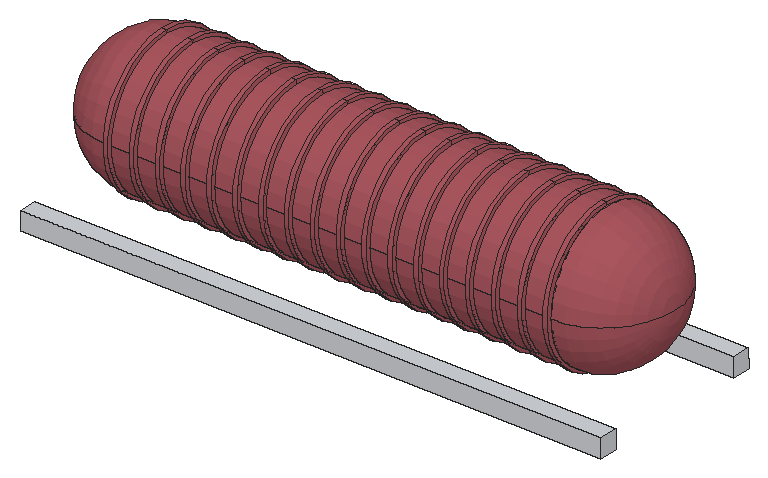
Revit family "Fluid-Storage_Petroleum-Tank_Xerxes_Underground-Diesel-Exhaust-Fluid", category Generic Models, Revit 2026
Family settings
  Can host rebar = No
  Round Connector Dimension = Use Diameter
  Part Type = Normal
  Classification Number = 23.65.20.11
  Work Plane-Based = Yes
  Always vertical = No
  Cut with Voids When Loaded = No
  Maintain Annotation Orientation = No
  Shared = No
  Room Calculation Point = No
Parameters
  ribcountcontrol = if(Rib Count < 2, 2, Rib Count)  # 18
  Warranty Duration (Years) = 0
  Unit Weight Notes = "Unit Weight refers to empty tank only."  # constant formula
  Unit Weight = 0
  Unit Length = 31' - 6 1/2"
  URL = "http://www.xerxes.com/"
  Tank Diameter Without Ribs = 7' - 8"
  Standards Conformance = "as Specified"
  Specification = "http://www.arcat.com/sdspecs/htm04/33_16_00xer.htm"
  SpecWizard = "http://www.arcat.com/specwizard/clients/xerxes.html?coid=36629"
  Small Size Resevoir Fitting = no
  Send Message = ""
  Sales Information = "http://www.xerxes.com/contact.html?country=US&productType=Petroleum%20Products"
  Ribs = not(and(Diameter = 4' 0", Unit Length < 10' 0"))  # yes
  Rib Inset = 3' - 10"
  Rib Count = 18
  Revision = "R1_2015-07"
  Product Properties = ""
  Product Data = "http://www.arcat.com/arcatcos/cos36/arc36629.html"
  Model = "As Specified"
  Manufacturer Website = "http://www.xerxes.com/"
  Manufacturer Phone - Toll Free = ""
  Manufacturer Phone = "952-887-1890"
  Manufacturer Fax = "952-887-1882"
  Manufacturer Address = "7901 Xerxes Ave. S.   Minneapolis, MN 55431"
  Manufacturer = "Xerxes Corporation"
  Maintenance Schedule (Months) = 0
  Keynote = "13200"
  Installation-Fabrication = ""
  Installation Phase = ""
  Include Deadmen Anchor [instance] = yes
  Green Building-LEED = ""
  Fuel Type [instance] = "as Specified"
  Exterior Finish [instance] = Plastic - Fiberglass - Xerxes - Signature Red
  Expected Lifespan (Years) = 0
  End Length = 3' - 7 3/4"
  Drawn By = "Sumex Design, Inc. / Robert S. Weygant, CSI, CDT, SCIP"
  Double Wall Tank_Dry Monitored [instance] = no
  Double Wall Tank_Brine Monitored [instance] = no
  Double Wall Tank Notes [instance] = "Brine Monitored Tanks will weigh more than Dry Monitored."  # constant formula
  Diameter = 8' - 0"
  Description = "Xerxes Petroleum Tank as Specified"
  Default Elevation = 0' - 0"
  Copyright = "©Arcat Inc."
  Construction Details = "http://www.arcat.com/details/xerxes/xerxes.html?coid=36629"
  Capacity = "as Specified"
  Brine Weight = 0
  Available LEED Credit = "as Specified"
  Assembly Code = "G30"
  Actual Capacity Tank Section 1 = 0
Reference planes (in)
  plane 1 "Center (Front/Back)": y = 0
  plane 2 "Bottom": z = 0
  plane 3 "Center (Left/Right)": x = 0
  plane 4 "Front": y = -46
  plane 5 "Back": y = 46
  plane 6 "Left": x = -189.25
  plane 7 "Right": x = 189.25
  plane 8 "Top": z = 92
  plane 9: x = -145.5
  plane 10: x = 145.5
  plane 11: z = 46
  plane 12: x = -143.25
  plane 13: x = 143.25
  plane 14: z = 94
  plane 15: z = -2
Forms (in)
  Revolve 1, solid, material "Plastic - Fiberglass - Xerxes - Signature Red" <- "Exterior Finish"
    sketch origin (-43.59721, -180, 46) x (-1, 0, 0) y (0, -1, 0)
      loop
        spline (101.90279, -226) -> (107.61331, -225.60646) -> (113.22612, -224.43259) -> (118.64519, -222.49846) -> (123.77779, -219.83717) -> (128.5361, -216.49425) -> (132.83871, -212.52691) -> (136.612, -208.00303) -> (139.7914, -203) -> (142.32252, -197.60344) -> (144.16205, -191.90568) -> (145.2785, -186.0042) -> (145.65279, -180)
        line (145.65279, -180) -> (-232.84721, -180)
        spline (-232.84721, -180) -> (-232.47292, -186.0042) -> (-231.35646, -191.90568) -> (-229.51694, -197.60344) -> (-226.98582, -203) -> (-223.80642, -208.00303) -> (-220.03313, -212.52691) -> (-215.73052, -216.49425) -> (-210.97221, -219.83717) -> (-205.83961, -222.49846) -> (-200.42054, -224.43259) -> (-194.80773, -225.60646) -> (-189.09721, -226)
        line (-189.09721, -226) -> (101.90279, -226)
      axis (145.65279, -180) -> (-232.84721, -180)
    angle from 0 to 360
  Revolve 2, solid, material "Plastic - Fiberglass - Xerxes - Signature Red" <- "Exterior Finish", visible <- "Small Size Resevoir Fitting"
    sketch origin (0, 0, 0) x (1, 0, 0) y (0, 0, 1)
      loop
        line (-192.5, 0) -> (-186, 0) -> (-186, 78.4375) -> (-192.5, 78.4375) -> (-192.5, 0)
      axis (-186, 78.4375) -> (-186, 0)
    angle from 0 to 360
  Revolve 3, solid, material "Plastic - Fiberglass - Xerxes - Signature Red" <- "Exterior Finish", visible <- "Double Wall Tank_Dry Monitored"
    sketch origin (0, 0, 0) x (1, 0, 0) y (0, 0, 1)
      loop
        line (137.125, 92) -> (137.125, 46) -> (143.25, 46) -> (143.25, 96.18116) -> (140.37476, 96.18116) -> (140.37476, 94.68116) -> (139.37476, 94.68116) -> (137.125, 92)
      axis (143.25, 96.18116) -> (143.25, 46)
    angle from 0 to 360
  Revolve 4, solid, material "Plastic - Fiberglass - Xerxes - Signature Red" <- "Exterior Finish", visible <- "Double Wall Tank_Brine Monitored"
    sketch origin (0, 0, 0) x (1, 0, 0) y (0, 0, 1)
      loop
        line (143.25, 46) -> (143.25, 106.5) -> (140.37476, 106.5) -> (140.37476, 105) -> (133.75, 105) -> (133.75, 46) -> (143.25, 46)
      axis (143.25, 106.5) -> (143.25, 46)
    angle from 0 to 360
Dimensions and locks (in)
  equal spacing: plane 6 "Left", plane 3 "Center (Left/Right)", plane 7 "Right"
  "Unit Length": plane 6 "Left" to plane 7 "Right"
  equal spacing: plane 5 "Back", plane 1 "Center (Front/Back)", plane 4 "Front"
  "Tank Diameter Without Ribs": plane 5 "Back" to plane 4 "Front"
  "Tank Diameter Without Ribs": plane 8 "Top" to level
  "End Length": plane 6 "Left" to plane 9
  "End Length": plane 10 to plane 7 "Right"
  locked: plane 6 "Left" to Revolve 1 sketch curve at 0
  locked: plane 7 "Right" to Revolve 1 sketch curve at 0
  equal spacing: plane 8 "Top", plane 11, level
  "Rib Inset": plane 6 "Left" to plane 12
  "Rib Inset": plane 13 to plane 7 "Right"
  equal spacing: group 1, group 3, group 4, group 5, group 6, group 7, group 8, group 9, group 10, group 11, group 12, group 13, group 14, group 15, group 16, group 17, group 18, group 2  (x3)
  locked: Revolve 2 sketch curve to plane 11 at 32.4375
  locked: Revolve 2 sketch curve to plane 6 "Left" at 3.25
  Revolve 2 sketch curve to plane 6 "Left" to Revolve 2 sketch curve = 0' - 3 1/4" locked, 0' - 3 1/4" locked
  equal spacing: plane 14, plane 11, plane 15
  "Diameter": plane 14 to plane 15
  Revolve 3 sketch curve to Revolve 3 sketch curve to plane 8 "Top" to Revolve 3 sketch curve = 0' - 1 1/2" locked, 0' - 2.68116" locked, 0' - 0" locked
  Revolve 4 sketch curve to Revolve 4 sketch curve to plane 8 "Top" = 0' - 1 1/2" locked, 1' - 1" locked
  aligned and locked: Revolve 1 sketch curve to plane 1 "Center (Front/Back)"
  aligned and locked: Revolve 1 sketch curve to plane 5 "Back"
  aligned and locked: Revolve 1 sketch curve to plane 10
  aligned and locked: Revolve 1 sketch curve to plane 9
  aligned and locked: nested 2 to plane 13
  aligned and locked: nested 1 to plane 12
  aligned and locked: plane 3 "Center (Left/Right)" to nested 4
  aligned and locked: Revolve 3 sketch curve to plane 13
  aligned and locked: Revolve 4 sketch curve to plane 13
  aligned and locked: plane 11 to Revolve 3 sketch curve
  aligned and locked: Revolve 4 sketch curve to plane 11
Automatic sketch dimensions
  plane 1 "Center (Front/Back)" to Revolve 1 sketch curve = 0' - 0"
  Revolve 1 sketch curve to Revolve 1 sketch curve = 0' - 4"
  Revolve 1 sketch curve to plane 6 "Left" = 0' - 5"
  Revolve 2 sketch curve to level = 0' - 0"
  Revolve 2 sketch curve to level = 0' - 4 9/16"
  Revolve 2 sketch curve to Revolve 2 sketch curve = 0' - 0"
  Revolve 3 sketch curve to plane 13 = 0' - 2.87524"
  Revolve 3 sketch curve to Revolve 3 sketch curve = 0' - 1"
  Revolve 3 sketch curve to Revolve 3 sketch curve = 0' - 2.24976"
  Revolve 3 sketch curve to plane 8 "Top" = 0' - 3 1/2"
  Revolve 3 sketch curve to Revolve 3 sketch curve = 0' - 0.06884"
  Revolve 3 sketch curve to plane 13 = 0' - 0"
  Revolve 4 sketch curve to plane 13 = 0' - 0"
  Revolve 4 sketch curve to Revolve 4 sketch curve = 0' - 2.87524"
  Revolve 4 sketch curve to Revolve 4 sketch curve = 0' - 6.62476"
  Revolve 4 sketch curve to Revolve 4 sketch curve = 0' - 2 1/2"
  Revolve 4 sketch curve to plane 8 "Top" = 0' - 7 3/4"
Nested families (in)
  nested 1: "Ribs" at (-143.25, 0, 0) x (0, 1, 0) z (0, 0, 1), Diameter <- "Tank Diameter Without Ribs", visible <- "Ribs", finish <- "Exterior Finish", outer diameter <- "Diameter", type "Ribs"
    with rib height 0' - 2", outer diameter 8' - 0", finish Plastic - Fiberglass - Xerxes - Signature Red, Diameter 7' - 8"
  nested 2: "Ribs" at (143.25, 0, 0) x (0, 1, 0) z (0, 0, 1), Diameter <- "Tank Diameter Without Ribs", visible <- "Ribs", finish <- "Exterior Finish", outer diameter <- "Diameter", type "Ribs"
    with rib height 0' - 2", outer diameter 8' - 0", finish Plastic - Fiberglass - Xerxes - Signature Red, Diameter 7' - 8"
  nested 3: "Ribs" at (-126.39706, 0, 0) x (0, 1, 0) z (0, 0, 1), Diameter <- "Tank Diameter Without Ribs", visible <- "Ribs", finish <- "Exterior Finish", outer diameter <- "Diameter", type "Ribs"
    with rib height 0' - 2", outer diameter 8' - 0", finish Plastic - Fiberglass - Xerxes - Signature Red, Diameter 7' - 8"
  nested 4: "Fluid-Storage_Tank-Accessory_Xerxes_Deadmen" at (0, 0, -2) x (1, 0, 0) z (0, 0, -1), Unit Length <- "Unit Length", Space Between Deadmen <- "Diameter", visible <- "Include Deadmen Anchor", type "Fluid-Storage_Tank-Accessory_Xerxes_Deadmen"
    with Unit Width 1' - 0", Unit Length 31' - 6 1/2", Unit Height 1' - 0", Space Between Deadmen 8' - 0", Lower Diameter Tanks yes, Higher Diameter Tanks no
  nested 5: "Ribs" at (-109.54412, 0, 0) x (0, 1, 0) z (0, 0, 1), Diameter <- "Tank Diameter Without Ribs", visible <- "Ribs", finish <- "Exterior Finish", outer diameter <- "Diameter", type "Ribs"
    with rib height 0' - 2", outer diameter 8' - 0", finish Plastic - Fiberglass - Xerxes - Signature Red, Diameter 7' - 8"
  nested 6: "Ribs" at (-92.69118, 0, 0) x (0, 1, 0) z (0, 0, 1), Diameter <- "Tank Diameter Without Ribs", visible <- "Ribs", finish <- "Exterior Finish", outer diameter <- "Diameter", type "Ribs"
    with rib height 0' - 2", outer diameter 8' - 0", finish Plastic - Fiberglass - Xerxes - Signature Red, Diameter 7' - 8"
  nested 7: "Ribs" at (-75.83824, 0, 0) x (0, 1, 0) z (0, 0, 1), Diameter <- "Tank Diameter Without Ribs", visible <- "Ribs", finish <- "Exterior Finish", outer diameter <- "Diameter", type "Ribs"
    with rib height 0' - 2", outer diameter 8' - 0", finish Plastic - Fiberglass - Xerxes - Signature Red, Diameter 7' - 8"
  nested 8: "Ribs" at (-58.98529, 0, 0) x (0, 1, 0) z (0, 0, 1), Diameter <- "Tank Diameter Without Ribs", visible <- "Ribs", finish <- "Exterior Finish", outer diameter <- "Diameter", type "Ribs"
    with rib height 0' - 2", outer diameter 8' - 0", finish Plastic - Fiberglass - Xerxes - Signature Red, Diameter 7' - 8"
  nested 9: "Ribs" at (-42.13235, 0, 0) x (0, 1, 0) z (0, 0, 1), Diameter <- "Tank Diameter Without Ribs", visible <- "Ribs", finish <- "Exterior Finish", outer diameter <- "Diameter", type "Ribs"
    with rib height 0' - 2", outer diameter 8' - 0", finish Plastic - Fiberglass - Xerxes - Signature Red, Diameter 7' - 8"
  nested 10: "Ribs" at (-25.27941, 0, 0) x (0, 1, 0) z (0, 0, 1), Diameter <- "Tank Diameter Without Ribs", visible <- "Ribs", finish <- "Exterior Finish", outer diameter <- "Diameter", type "Ribs"
    with rib height 0' - 2", outer diameter 8' - 0", finish Plastic - Fiberglass - Xerxes - Signature Red, Diameter 7' - 8"
  nested 11: "Ribs" at (-8.42647, 0, 0) x (0, 1, 0) z (0, 0, 1), Diameter <- "Tank Diameter Without Ribs", visible <- "Ribs", finish <- "Exterior Finish", outer diameter <- "Diameter", type "Ribs"
    with rib height 0' - 2", outer diameter 8' - 0", finish Plastic - Fiberglass - Xerxes - Signature Red, Diameter 7' - 8"
  nested 12: "Ribs" at (8.42647, 0, 0) x (0, 1, 0) z (0, 0, 1), Diameter <- "Tank Diameter Without Ribs", visible <- "Ribs", finish <- "Exterior Finish", outer diameter <- "Diameter", type "Ribs"
    with rib height 0' - 2", outer diameter 8' - 0", finish Plastic - Fiberglass - Xerxes - Signature Red, Diameter 7' - 8"
  nested 13: "Ribs" at (25.27941, 0, 0) x (0, 1, 0) z (0, 0, 1), Diameter <- "Tank Diameter Without Ribs", visible <- "Ribs", finish <- "Exterior Finish", outer diameter <- "Diameter", type "Ribs"
    with rib height 0' - 2", outer diameter 8' - 0", finish Plastic - Fiberglass - Xerxes - Signature Red, Diameter 7' - 8"
  nested 14: "Ribs" at (42.13235, 0, 0) x (0, 1, 0) z (0, 0, 1), Diameter <- "Tank Diameter Without Ribs", visible <- "Ribs", finish <- "Exterior Finish", outer diameter <- "Diameter", type "Ribs"
    with rib height 0' - 2", outer diameter 8' - 0", finish Plastic - Fiberglass - Xerxes - Signature Red, Diameter 7' - 8"
  nested 15: "Ribs" at (58.98529, 0, 0) x (0, 1, 0) z (0, 0, 1), Diameter <- "Tank Diameter Without Ribs", visible <- "Ribs", finish <- "Exterior Finish", outer diameter <- "Diameter", type "Ribs"
    with rib height 0' - 2", outer diameter 8' - 0", finish Plastic - Fiberglass - Xerxes - Signature Red, Diameter 7' - 8"
  nested 16: "Ribs" at (75.83824, 0, 0) x (0, 1, 0) z (0, 0, 1), Diameter <- "Tank Diameter Without Ribs", visible <- "Ribs", finish <- "Exterior Finish", outer diameter <- "Diameter", type "Ribs"
    with rib height 0' - 2", outer diameter 8' - 0", finish Plastic - Fiberglass - Xerxes - Signature Red, Diameter 7' - 8"
  nested 17: "Ribs" at (92.69118, 0, 0) x (0, 1, 0) z (0, 0, 1), Diameter <- "Tank Diameter Without Ribs", visible <- "Ribs", finish <- "Exterior Finish", outer diameter <- "Diameter", type "Ribs"
    with rib height 0' - 2", outer diameter 8' - 0", finish Plastic - Fiberglass - Xerxes - Signature Red, Diameter 7' - 8"
  nested 18: "Ribs" at (109.54412, 0, 0) x (0, 1, 0) z (0, 0, 1), Diameter <- "Tank Diameter Without Ribs", visible <- "Ribs", finish <- "Exterior Finish", outer diameter <- "Diameter", type "Ribs"
    with rib height 0' - 2", outer diameter 8' - 0", finish Plastic - Fiberglass - Xerxes - Signature Red, Diameter 7' - 8"
  nested 19: "Ribs" at (126.39706, 0, 0) x (0, 1, 0) z (0, 0, 1), Diameter <- "Tank Diameter Without Ribs", visible <- "Ribs", finish <- "Exterior Finish", outer diameter <- "Diameter", type "Ribs"
    with rib height 0' - 2", outer diameter 8' - 0", finish Plastic - Fiberglass - Xerxes - Signature Red, Diameter 7' - 8"
Definition of nested family "Ribs"
  Parameters
    rib height [instance] = (outer diameter - Diameter) / 2  # 1' - 0.28415"
    outer diameter [instance] = 4' - 5"
    finish [instance] = none
    Diameter [instance] = 2' - 4.4317"
    Default Elevation = 0' - 0"
    Assembly Code = ""
  Reference planes (in)
    plane 1 "Center (Front/Back)": y = 0
    plane 2: z = 0
    plane 3 "Center (Left/Right)": x = 0
    plane 4: z = 28.4317
    plane 5: z = 40.71585
    plane 6: z = -12.28415
  Forms (in)
    Revolve 1, solid, material <- "finish"
      sketch origin (0, 0, 0) x (0, 1, 0) y (0, 0, 1)
        loop
          line (-1.45594, -12.28415) -> (1.45594, -12.28415) -> (1.75, 0) -> (-1.75, 0) -> (-1.45594, -12.28415)
        axis (-1.75, 14.21585) -> (1.75, 14.21585)
      angle from 0 to 360
  Dimensions and locks (in)
    "Diameter": plane 4 to level
    equal spacing: plane 4, Revolve 1 sketch curve, level
    "rib height": plane 5 to plane 4
    "rib height": level to plane 6
    aligned and locked: plane 2 to level
    aligned and locked: plane 6 to Revolve 1 sketch curve
  Automatic sketch dimensions
    Revolve 1 sketch curve to level = 0' - 0"
    plane 1 "Center (Front/Back)" to Revolve 1 sketch curve = 1' - 2.96287"
    plane 1 "Center (Front/Back)" to Revolve 1 sketch curve = 0' - 1 3/4"
    Revolve 1 sketch curve to Revolve 1 sketch curve = 0' - 0.29406"  (x2)
    Revolve 1 sketch curve to plane 1 "Center (Front/Back)" = 0' - 1.45594"
    Revolve 1 sketch curve to plane 1 "Center (Front/Back)" = 1' - 1.03713"
Definition of nested family "Fluid-Storage_Tank-Accessory_Xerxes_Deadmen"
  Parameters
    Warranty Duration (Years) = 0
    Unit Width [instance] = if(Space Between Deadmen < 10' 0", 1' 0", 1' 6")  # 1' - 0"
    Unit Weight = 0
    Unit Length [instance] = 6' - 0"
    Unit Height [instance] = if(Space Between Deadmen < 10' 0", 1' 0", 0' 8 3/4")  # 1' - 0"
    URL = ""
    Specification = ""
    SpecWizard = ""
    Space Between Deadmen [instance] = 2' - 8"
    Send Message = ""
    Sales Information = ""
    Revision = "R1_01-2014"
    Product Properties = ""
    Product Data = ""
    Model = "As Specified"
    Manufacturer Website = ""
    Manufacturer Phone - Toll Free = ""
    Manufacturer Phone = ""
    Manufacturer Fax = ""
    Manufacturer Address = ""
    Manufacturer = ""
    Maintenance Schedule (Months) = 0
    Lower Diameter Tanks [instance] = Space Between Deadmen < 10' 0"  # yes
    Keynote = ""
    Installation-Fabrication = ""
    Installation Phase = ""
    Higher Diameter Tanks [instance] = not(Space Between Deadmen < 10' 0")  # no
    Green Building-LEED = ""
    Expected Lifespan (Years) = 0
    Drawn By = "Sumex Design, Inc. / Robert S. Weygant, CSI, CDT, SCIP"
    Description = ""
    Default Elevation = 0' - 0"
    Copyright = "©Arcat Inc."
    Construction Details = ""
    Assembly Code = ""
  Reference planes (in)
    plane 1 "Center (Front/Back)": y = 0
    plane 2 "Bottom": z = 0
    plane 3 "Center (Left/Right)": x = 0
    plane 4 "Front": y = -16
    plane 5 "Back": y = 16
    plane 6 "Left": x = -36
    plane 7 "Right": x = 36
  Forms (in)
    Extrusion 1, solid, visible <- "Lower Diameter Tanks"
      sketch origin (0, 0, 0) x (0, 1, 0) y (0, 0, 1)
        loop
          line (-28, 12) -> (-28, 0) -> (-16, 0) -> (-16, 12) -> (-28, 12)
        loop
          line (16, 12) -> (16, 0) -> (28, 0) -> (28, 12) -> (16, 12)
      from -36 to 36
    Extrusion 2, solid, visible <- "Higher Diameter Tanks"
      sketch origin (0, 0, 0) x (0, 1, 0) y (0, 0, 1)
        loop
          line (16, 8.75) -> (16, 2.88675) -> (21, 0) -> (29, 0) -> (34, 2.88675) -> (34, 8.75) -> (16, 8.75)
        loop
          line (-16, 8.75) -> (-34, 8.75) -> (-34, 2.88675) -> (-29, 0) -> (-21, 0) -> (-16, 2.88675) -> (-16, 8.75)
      from -36 to 36
  Dimensions and locks (in)
    equal spacing: plane 6 "Left", plane 3 "Center (Left/Right)", plane 7 "Right"
    "Unit Length": plane 6 "Left" to plane 7 "Right"
    equal spacing: plane 5 "Back", plane 1 "Center (Front/Back)", plane 4 "Front"
    "Space Between Deadmen": plane 5 "Back" to plane 4 "Front"
    locked: Extrusion 1 sketch curve to plane 4 "Front" at 12
    locked: plane 5 "Back" to Extrusion 1 sketch curve at 12
    locked: Extrusion 1 sketch curve to level at 12  (x2)
    Extrusion 2 sketch curve to Extrusion 2 sketch curve to Extrusion 2 sketch curve to plane 4 "Front" = 0' - 5" locked, 0' - 8" locked, 0' - 5" locked
    plane 5 "Back" to Extrusion 2 sketch curve to Extrusion 2 sketch curve to Extrusion 2 sketch curve = 0' - 5" locked, 0' - 8" locked, 0' - 5" locked
    aligned and locked: plane 7 "Right" to Extrusion 1
    aligned and locked: Extrusion 1 to plane 6 "Left"
    aligned and locked: Extrusion 2 to plane 7 "Right"
    aligned and locked: Extrusion 2 to plane 6 "Left"
  Automatic sketch dimensions
    Extrusion 1 sketch curve to level = 0' - 0"  (x2)
    Extrusion 1 sketch curve to plane 4 "Front" = 0' - 0"
    Extrusion 1 sketch curve to plane 5 "Back" = 0' - 0"
    level to Extrusion 2 sketch curve = 0' - 8 3/4"
    Extrusion 2 sketch curve to plane 4 "Front" = 0' - 0"
    Extrusion 2 sketch curve to plane 5 "Back" = 0' - 0"
    level to Extrusion 2 sketch curve = 0' - 2.88675"  (x2)
    Extrusion 2 sketch curve to Extrusion 2 sketch curve = 0' - 5.86325"  (x2)
    Extrusion 2 sketch curve to Extrusion 2 sketch curve = 0' - 2.88675"  (x2)
    Extrusion 2 sketch curve to level = 0' - 0"
